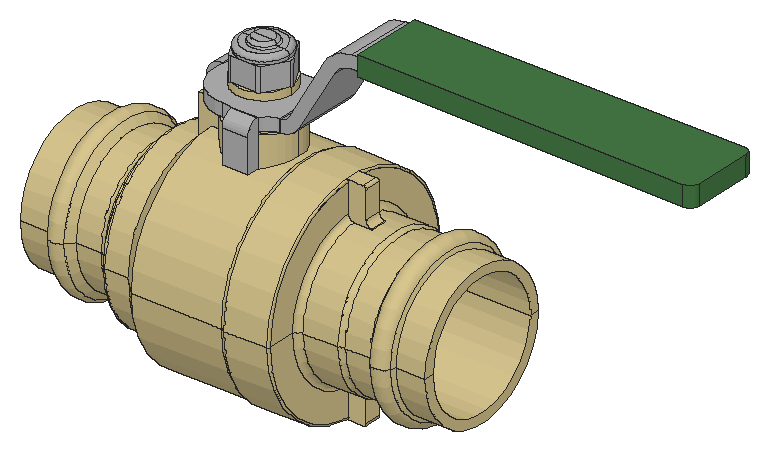
Revit family "QA12100000", category Apparecchi idraulici, Revit 2016
Family settings
  Tipo di parte = Normale
  Quota connettore circolare = Usa diametro
  Numero OmniClass = 23.45.00.00
  Titolo OmniClass = Sanitary, Laundry, and Cleaning Equipment
  Basato su piano di lavoro = No
  Sempre verticale = Sì
  Taglio con vuoti quando caricato = No
  Condiviso = No
  Punto di calcolo locali = No
Parameters
  URL = "https://web.cimberio.it/index.php/figura/1486?subcategoria_id=102"
  Produttore = "CIMBERIO SPA"
  DN Model [instance] = QA12105101 : QA12105101
  DN [instance] = 40 mm
Reference planes
  plane 1 "Centro (Fronte/Retro)": y = 0
  plane 2: z = 0
  plane 3 "Centro (Sinistra/Destra)": x = 0
Dimensions and locks
  aligned and locked: level to plane 2
Nested families
  nested 1: "QA12105101" at (0, 0, 0), type <- "DN Model", type "QA12105101"
    with DN 10 mm
  nested 2: "QA12105101" at (0, 0, 0), type <- "DN Model", type "QA12105101"
    with DN 10 mm
  nested 3: "QA12105101" at (0, 0, 0), type <- "DN Model", type "QA12105101"
    with DN 10 mm
  nested 4: "QA12105101" at (0, 0, 0), type <- "DN Model", type "QA12105101"
    with DN 10 mm
  nested 5: "QA12105101" at (0, 0, 0), type <- "DN Model", type "QA12105101"
    with DN 10 mm
  nested 6: "QA12105101" at (0, 0, 0), type <- "DN Model", type "QA12105101"
    with DN 10 mm
  nested 7: "QA12105101" at (0, 0, 0), type <- "DN Model", type "QA12105101"
    with DN 10 mm
  nested 8: "QA12105101" at (0, 0, 0), type <- "DN Model", type "QA12105101"
    with DN 10 mm
  nested 9: "QA12105101" at (0, 0, 0), type <- "DN Model", type "QA12105101"
    with DN 10 mm
Connectors
  piping at (71.25, 0, 0), diameter 40, driven by "DN"
    settings: on nested 1, index 1, connector inside diameter 609.6 mm, connector length 0 mm, flow factor 0, pipe flow 0.0 L/s, pressure drop 0.0 Pa, fitting loss kfactor 0, connector angle 0.00°, fixture units 0, engagement length 0 mm, angle of deflection 0.00°, flow configuration 0, flow direction 0, fitting loss method 0, system type 7, joint type 0, gender type 0, connector reference index -1, connector utility 0, adjustable connector no, is connector primary yes, connector description ""
  piping at (-61.25, 0, 0), diameter 40, driven by "DN"
    settings: on nested 1, index 2, connector inside diameter 609.6 mm, connector length 0 mm, flow factor 0, pipe flow 0.0 L/s, pressure drop 0.0 Pa, fitting loss kfactor 0, connector angle 0.00°, fixture units 0, engagement length 0 mm, angle of deflection 0.00°, flow configuration 0, flow direction 0, fitting loss method 0, system type 7, joint type 0, gender type 0, connector reference index -1, connector utility 0, adjustable connector no, is connector primary no, connector description ""
Definition of nested family "QA12105101"
  Parameters (values of type "QA12105101")
    DN [instance] = 10 mm  # constant formula
  Reference planes
    plane 1 "Centro (Fronte/Retro)": y = 0
    plane 2: z = 0
    plane 3 "Centro (Sinistra/Destra)": x = 0
  Forms (mm)
    Revolve 1, solid
      sketch origin (0, 0, 0) x (1, 0, 0) y (0, 1, 0)
        loop
          line (-61.25, 20) -> (71.25, 20) -> (71.25, 23) -> (61.511, 23) -> (61.039, 24.297)
          arc (61.039, 24.297) -> (58.358, 26.547) -> (55.069, 25.35) r 3.5
          line (55.069, 25.35) -> (53.097, 23) -> (45.05, 23)
          arc (45.05, 23) -> (44.101, 23.154) -> (43.25, 23.6) r 3
          line (43.25, 23.6) -> (31.75, 23.6)
          arc (31.75, 23.6) -> (30.336, 24.186) -> (29.75, 25.6) r 2
          line (29.75, 25.6) -> (29.75, 34.633)
          arc (29.75, 34.633) -> (29.644, 35.058) -> (29.25, 35.25) r 0.519
          line (29.25, 35.25) -> (15.25, 35.5)
          arc (15.25, 35.5) -> (14.562, 34.983) -> (13.722, 34.8) r 2.019
          line (13.722, 34.8) -> (-15.45, 34.8) -> (-21.25, 29) -> (-28.75, 29)
          arc (-28.75, 29) -> (-29.457, 28.707) -> (-29.75, 28) r 1
          line (-29.75, 28) -> (-29.75, 25.6)
          arc (-29.75, 25.6) -> (-30.336, 24.186) -> (-31.75, 23.6) r 2
          line (-31.75, 23.6) -> (-33.25, 23.6)
          arc (-33.25, 23.6) -> (-34.101, 23.154) -> (-35.05, 23) r 3
          line (-35.05, 23) -> (-43.097, 23) -> (-45.069, 25.35)
          arc (-45.069, 25.35) -> (-48.358, 26.547) -> (-51.039, 24.297) r 3.5
          line (-51.039, 24.297) -> (-51.511, 23) -> (-61.25, 23) -> (-61.25, 20)
        axis (-61.25, 0) -> (71.25, 0)
      angle from 0 to 360
    Extrusion 2, solid
      sketch origin (0, 0, 0) x (1, 0, 0) y (0, 0, 1)
        loop
          line (29.25, 35.216) -> (29.25, 22.582) -> (37.747, 22.582) -> (37.747, 23.559)
          arc (37.747, 23.559) -> (36.335, 24.144) -> (35.75, 25.556) r 1.997
          line (35.75, 25.556) -> (35.75, 34.216)
          arc (35.75, 34.216) -> (35.457, 34.923) -> (34.75, 35.216) r 1
          line (34.75, 35.216) -> (29.25, 35.216)
        loop
          line (29.25, -35.216) -> (34.75, -35.216)
          arc (34.75, -35.216) -> (35.457, -34.923) -> (35.75, -34.216) r 1
          line (35.75, -34.216) -> (35.75, -25.556)
          arc (35.75, -25.556) -> (36.335, -24.144) -> (37.747, -23.559) r 1.997
          line (37.747, -23.559) -> (37.747, -22.582) -> (29.25, -22.582) -> (29.25, -35.216)
      from -2.528 to 2.75
    Revolve 3, solid
      sketch origin (0, 0, 0) x (1, 0, 0) y (0, 0, 1)
        loop
          line (0.056, 47.8) -> (-10, 47.8) -> (-10, 43) -> (-11.388, 43) -> (-11.388, 31.761) -> (0.056, 31.761) -> (0.056, 47.8)
        axis (0.056, 31.761) -> (0.056, 47.8)
      angle from 0 to 360
    Extrusion 4, solid
      sketch origin (0, 0, 0) x (1, 0, 0) y (0, 0, 1)
        loop
          line (-11.388, 43) -> (-20, 43) -> (-20, 28.911) -> (-11.388, 28.911) -> (-11.388, 43)
      from -1.6 to 1.7
    Revolve 5, solid
      sketch origin (0, 0, 0) x (1, 0, 0) y (0, 0, 1)
        loop
          line (0, 54.3) -> (-9.25, 54.3) -> (-9.25, 51.8) -> (0, 51.8) -> (0, 54.3)
        axis (0, 54.3) -> (0, 51.8)
      angle from 0 to 360
    Revolve 6, solid
      sketch origin (0, 0, 0) x (1, 0, 0) y (0, 0, 1)
        loop
          line (0, 65.8) -> (0, 62) -> (8.25, 62) -> (8.25, 62.8)
          arc (8.25, 62.8) -> (7.811, 63.861) -> (6.75, 64.3) r 1.5
          line (6.75, 64.3) -> (4.697, 64.3) -> (3.463, 64.701) -> (4.28, 64.92) -> (3.4, 65.8) -> (0, 65.8)
        axis (0, 65.8) -> (0, 62)
      angle from 0 to 360
    Extrusion 7, solid
      sketch origin (0, 0, 0) x (1, 0, 0) y (0, 0, 1)
        loop
          arc (-14.7, 51.8) -> (-18.428, 50.443) -> (-20, 46.8) r 5.008
          line (-20, 46.8) -> (-20, 38.053) -> (-16, 38.053) -> (-16, 46.8)
          arc (-16, 46.8) -> (-15.588, 47.609) -> (-14.7, 47.8) r 1.058
          line (-14.7, 47.8) -> (-14.7, 51.8)
      from -10 to -1.7
    Extrusion 8, solid
      sketch origin (0, 0, 0) x (1, 0, 0) y (0, 0, 1)
        loop
          line (29.699, 73.796) -> (18.011, 53.552)
          arc (18.011, 53.552) -> (16.739, 52.275) -> (15, 51.8) r 3.5
          line (15, 51.8) -> (15, 47.8)
          arc (15, 47.8) -> (18.74, 48.811) -> (21.476, 51.553) r 7.5
          line (21.476, 51.553) -> (33.164, 71.798)
          arc (33.164, 71.798) -> (35.36, 73.995) -> (38.36, 74.8) r 6
          line (38.36, 74.8) -> (40.963, 74.8) -> (40.963, 78.8) -> (38.362, 78.8)
          arc (38.362, 78.8) -> (33.36, 77.459) -> (29.699, 73.796) r 10
      from -10 to 12
    Extrusion 9, solid
      sketch origin (0, 0, 28.55) x (1, 0, 0) y (0, 1, 0)
        loop
          line (9.352, 0.6) -> (5.198, 7.795)
          arc (5.198, 7.795) -> (4.756, 8.237) -> (4.152, 8.399) r 1.208
          line (4.152, 8.399) -> (-4.173, 8.399)
          arc (-4.173, 8.399) -> (-4.759, 8.242) -> (-5.187, 7.814) r 1.171
          line (-5.187, 7.814) -> (-9.362, 0.583)
          arc (-9.362, 0.583) -> (-9.518, 0) -> (-9.362, -0.583) r 1.165
          line (-9.362, -0.583) -> (-5.187, -7.813)
          arc (-5.187, -7.813) -> (-4.759, -8.242) -> (-4.173, -8.399) r 1.171
          line (-4.173, -8.399) -> (4.165, -8.399)
          arc (4.165, -8.399) -> (4.757, -8.24) -> (5.191, -7.806) r 1.185
          line (5.191, -7.806) -> (9.352, -0.6)
          arc (9.352, -0.6) -> (9.513, 0) -> (9.352, 0.6) r 1.2
      from 25.75 to 33.45
    Extrusion 10, solid
      sketch origin (0, 0, 28.55) x (1, 0, 0) y (0, 1, 0)
        loop
          line (-14.7, 10) -> (-14.7, -1.7)
          arc (-14.7, -1.7) -> (-10.892, -10.892) -> (-1.7, -14.7) r 13
          line (-1.7, -14.7) -> (0.876, -14.7) -> (1.7, -15) -> (10.417, -15)
          arc (10.417, -15) -> (12.261, -12.817) -> (15, -12) r 5
          line (15, -12) -> (15, 10) -> (-14.7, 10)
      from 19.25 to 23.25
    Extrusion 11, solid
      sketch origin (0, 0, 28.55) x (1, 0, 0) y (0, 1, 0)
        loop
          line (40.963, 10.75) -> (40.963, -12.75) -> (147.942, -13.479)
          arc (147.942, -13.479) -> (150.075, -12.61) -> (150.963, -10.484) r 3
          line (150.963, -10.484) -> (150.963, 8.475)
          arc (150.963, 8.475) -> (150.078, 10.607) -> (147.941, 11.479) r 3
          line (147.941, 11.479) -> (40.963, 10.75)
      from 44.988 to 51.45
    Extrusion 12, solid
      sketch origin (-11, 0, 0) x (0, 0, 1) y (0, 1, 0)
        loop
          line (51.8, -15) -> (47.8, -15) -> (36.812, -15) -> (36.812, -19) -> (47.8, -19)
          arc (47.8, -19) -> (50.628, -17.828) -> (51.8, -15) r 4
      from -21 to -12.7
  Dimensions and locks
    aligned and locked: level to plane 2
